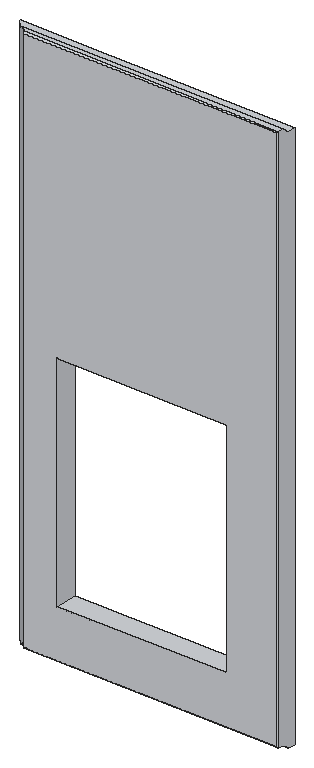
Revit family "GRN_A3-External-Facade-Middle-Panel-G30", category Curtain Panels, Revit 2016
Family settings
  OmniClass Number = 23.25.20.14.11.11.17
  OmniClass Title = Infill Panels
  Always vertical = Yes
  Cut with Voids When Loaded = No
  Shared = No
Parameters (values of type "External Facade")
  Top Off Set [instance] = 2486.752 mm
  RH Off Set [instance] = 467.272 mm
  Panel Thickness = 200 mm
  Panel 1 [instance] = none
  LH Off Set [instance] = 500 mm
  Fill [instance] = none
  Cill [instance] = 500 mm
  Assembly Code = ""
Reference planes
  plane 1 "Center (Front/Back)": y = 0
  plane 2: z = 0
  plane 3 "Center (Left/Right)": x = 0
  plane 4 "Left": x = -1200
  plane 5 "Right": x = 1200
  plane 6 "Top": z = 5000
  plane 7 "face": y = 100
  plane 8: y = -100
  plane 9: z = 0
  plane 10: x = 366.667
  plane 11: x = -466.667
  plane 12: x = 359.167
  plane 13: x = 374.167
  plane 14: x = -459.167
  plane 15: x = -474.167
  plane 16: z = -7.5
  plane 17: z = 7.5
  plane 18: x = -1280
  plane 19: z = 5050
  plane 20: x = -1300
  plane 21 "1": y = 100
  plane 22 "2": y = 100
  plane 23 "3": y = 100
  plane 24 "4": y = 100
  plane 25 "5": y = 100
  plane 26 "6": y = 100
  plane 27: z = 2513.248
  plane 28: z = 500
  plane 29: x = 732.728
  plane 30: x = -800
Forms (mm)
  Extrusion 1, void
    sketch origin (0, 0, 0) x (1, 0, 0) y (0, 1, 0)
      loop
        line (-1300, 100) -> (-1300, -100) -> (-1100, -100) -> (-1280, 80) -> (-1280, 100) -> (-1300, 100)
    from 0 to 10050
  Extrusion 2, void
    sketch origin (0, 0, 0) x (1, 0, 0) y (0, 1, 0)
      loop
        line (1190, -100) -> (1200, -100) -> (1200, -90) -> (1190, -100)
    from 0 to 10050
  Extrusion 3, solid
    sketch origin (0, 0, 0) x (0, 1, 0) y (0, 0, 1)
      loop
        line (-100, 62.859) -> (-87.141, 50) -> (-37, 50) -> (23, 0) -> (100, 0) -> (100, 5000) -> (15, 5000) -> (-45, 5050) -> (-90, 5050) -> (-100, 5040) -> (-100, 62.859)
    from -1300 to 1200
  Sweep 4, void
    path origin (0, 100, 0) x (-1, 0, 0) y (0, 0, 1)
      loop
        line (-366.667, 0) -> (-366.667, 5000)
    profile "Resess Profile : Resess Profile" origin (366.667, 100, 2500) x (1, 0, 0) y (0, 1, 0)
      loop
        line (0, -10) -> (10, 0) -> (-10, 0) -> (0, -10)
  Sweep 5, void
    path origin (0, 100, 0) x (-1, 0, 0) y (0, 0, 1)
      loop
        line (466.667, 0) -> (466.667, 5000)
    profile "Resess Profile : Resess Profile" origin (-466.667, 100, 2500) x (1, 0, 0) y (0, 1, 0)
      loop
        line (0, -10) -> (10, 0) -> (-10, 0) -> (0, -10)
  Extrusion 6, void
    sketch origin (0, 0, 0) x (1, 0, 0) y (0, 0, 1)
      loop
        line (732.728, 2513.248) -> (-800, 2513.248) -> (-800, 500) -> (732.728, 500) -> (732.728, 2513.248)
    from -100 to 100
  Sweep 7, void
    path origin (600, 100, 0) x (-1, 0, 0) y (0, 0, 1)
      loop
        line (1880, 0) -> (-600, 0) -> (-600, 5000) -> (1880, 5000)
    profile "Resess Profile : Resess Profile" origin (1200, 100, 2500) x (1, 0, 0) y (0, 1, 0)
      loop
        line (0, -10) -> (10, 0) -> (-10, 0) -> (0, -10)
Cuts and joins
  Extrusion 1, Extrusion 2, Sweep 4, Sweep 5, Extrusion 6, Sweep 7 cuts Extrusion 3
Text (mm)
  text "Exterior" at (-2351.972, 1416.179, 0), in view "Ref. Level"
  text "Exterior" at (0, 2290.741, 4406.713), in view "Left"
  text "Exterior" at (0, 1328.187, 4120.349), in view "Right"
Dimensions and locks
  equal spacing: plane 4 "Left", plane 3 "Center (Left/Right)", plane 5 "Right"
  plane 7 "face" to plane 1 "Center (Front/Back)" to plane 8 = 100 mm, 100 mm locked
  plane 7 "face" to plane 8 = 200 mm
  plane 4 "Left" to plane 5 "Right" = 2400 mm
  plane 2 to plane 6 "Top" = 5000 mm
  equal spacing: plane 20, plane 11, plane 10, plane 5 "Right"
  plane 16 to plane 9 to plane 17 = 7.5 mm locked, 7.5 mm locked
  plane 2 to plane 9 = 0 mm
  plane 12 to plane 10 to plane 13 = 7.5 mm locked, 7.5 mm locked
  plane 15 to plane 11 to plane 14 = 7.5 mm locked, 7.5 mm locked
  plane 20 to plane 18 to plane 4 "Left" = 20 mm locked, 80 mm locked
  plane 6 "Top" to level = 5000 mm
  locked: plane 6 "Top" to plane 19 at 50
  plane 4 "Left" to plane 3 "Center (Left/Right)" = 1200 mm
  "Cill": plane 2 to plane 28
  "Top Off Set": plane 27 to plane 6 "Top"
  "LH Off Set": plane 30 to plane 20
  "RH Off Set": plane 29 to plane 5 "Right"
  aligned and locked: level to plane 2
  aligned and locked: Extrusion 3 sketch curve to plane 26 "6"
  aligned and locked: Extrusion 3 to plane 5 "Right"
  aligned and locked: Extrusion 3 to plane 20
  aligned and locked: plane 9 to Sweep 4 sketch curve
  aligned and locked: plane 27 to Extrusion 6 sketch curve
  aligned and locked: Extrusion 6 sketch curve to plane 29
  aligned and locked: plane 30 to Extrusion 6 sketch curve
  aligned and locked: Extrusion 6 to plane 28
  aligned and locked: plane 6 "Top" to Extrusion 3 sketch curve
  aligned and locked: plane 19 to Extrusion 3 sketch curve
  aligned and locked: plane 6 "Top" to Sweep 4 sketch curve
  aligned and locked: plane 6 "Top" to Sweep 5 sketch curve
  aligned and locked: plane 18 to Sweep 7 sketch curve  (x2)
  aligned and locked: plane 5 "Right" to Sweep 7 sketch curve
  aligned and locked: Sweep 7 sketch curve to plane 6 "Top"
  aligned and locked: Sweep 7 sketch curve to plane 9
Automatic sketch dimensions
  Extrusion 1 sketch curve to plane 8 = 0 mm
  Extrusion 1 sketch curve to plane 20 = 0 mm
  Extrusion 1 sketch curve to plane 7 "face" = 0 mm
  Extrusion 1 sketch curve to plane 18 = 0 mm
  Extrusion 1 sketch curve to plane 4 "Left" = 100 mm
  Extrusion 1 sketch curve to plane 7 "face" = 20 mm
  Extrusion 2 sketch curve to plane 8 = 0 mm
  Extrusion 2 sketch curve to plane 5 "Right" = 0 mm
  plane 5 "Right" to Extrusion 2 sketch curve = 10 mm
  Extrusion 2 sketch curve to Extrusion 2 sketch curve = 10 mm
  Extrusion 3 sketch curve to plane 8 = 0 mm
  Extrusion 3 sketch curve to level = 0 mm
  plane 8 to Extrusion 3 sketch curve = 10 mm
  plane 8 to Extrusion 3 sketch curve = 12.859 mm
  plane 1 "Center (Front/Back)" to Extrusion 3 sketch curve = 45 mm
  plane 1 "Center (Front/Back)" to Extrusion 3 sketch curve = 37 mm
  Extrusion 3 sketch curve to plane 1 "Center (Front/Back)" = 15 mm
  Extrusion 3 sketch curve to plane 1 "Center (Front/Back)" = 23 mm
  plane 17 to Extrusion 3 sketch curve = 42.5 mm
  Extrusion 3 sketch curve to Extrusion 3 sketch curve = 12.859 mm
  plane 19 to Extrusion 3 sketch curve = 10 mm
  plane 10 to Sweep 4 sketch curve = 0 mm
  plane 11 to Sweep 5 sketch curve = 0 mm
  Sweep 5 sketch curve to level = 0 mm
  Extrusion 6 sketch curve to plane 28 = 0 mm
